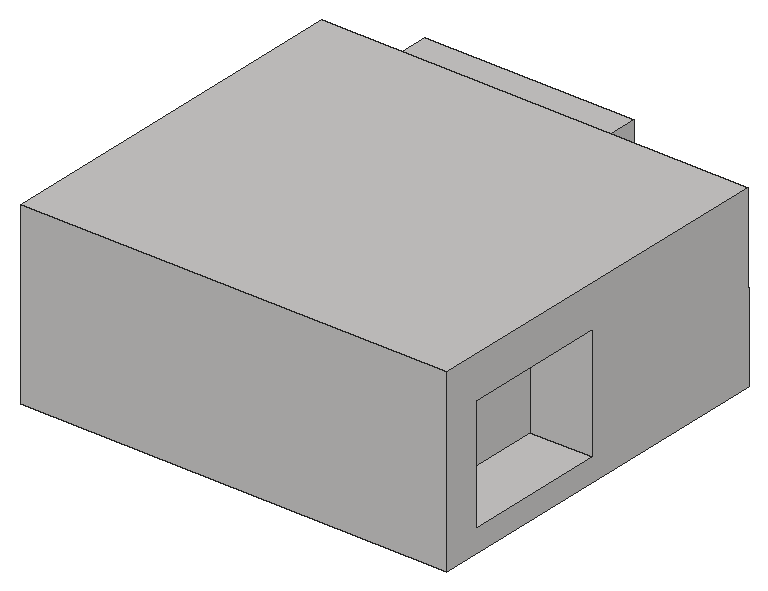
Revit family
Parameters
  Width = 3' - 0 1/8"
  Voltage = 277 V
  Unit Weight = "150.0 lbs"
  UltraLoc Liner = Choose Liner Option = 3  # no
  URL = "http://www.titus-hvac.com/"
  UL = "181"
  Supply Air Flow [instance] = 0 CFM
  SteriLoc Liner = Choose Liner Option = 2  # no
  Primary Air Pressure Drop [instance] = 0.00 in-wg
  Primary Air Flow [instance] = 0 CFM
  Plenum Air Pressure Drop [instance] = 0.00 in-wg
  Plenum Air Flow [instance] = 0 CFM
  Outlet Width = 1' - 2"
  Outlet Vertical Offset = 0' - 1 1/8"
  Outlet Horizontal Offset = 0' - 1 3/8"
  Outlet Height = 0' - 11"
  Number of Poles = 1
  Nominal Width = Width + 0' 6 1/4"  # 3' - 6 3/8"
  Nominal Length = Length + 0' 3 3/8"  # 3' - 8 1/4"
  Nominal Inlet Size = 0' - 10"
  Nominal Height = 1' - 5 1/8"
  NFPA = "90A"
  Motor Full Load Amps = 2.4 A
  Model = "DTQS"
  Min. Air Flow = 0 CFM
  Max. Air Flow = 0 CFM
  Material = Galvanized Steel
  Manufacturer = "Titus"
  Length = 3' - 4 7/8"
  Juction Box Offset = 0' - 4 7/8"
  Inlet Diameter = Nominal Inlet Size - 0' 0 1/8"  # 0' - 9 7/8"
  Induced Air Inlet Offset = 0' - 4 1/2"
  Induced Air Inlet Width = 1' - 1 1/4"
  Induced Air Inlet Height = 1' - 2 1/2"
  Induced Air Filter = no
  Heating Total Capacity [instance] = 0 Btu/h
  Half Outlet Connection Width = Outlet Width / 2  # 0' - 7"
  Half Outlet Connection Height = Outlet Height / 2  # 0' - 5 1/2"
  Half Height Start = -(Nominal Height / 2)  # -0' - 8 9/16"
  Half Height End = Nominal Height / 2  # 0' - 8 9/16"
  HP-Motor = "1/4"
  Frequency = 60 Hz
  Filter Size = "19\"x17\""
  Fiber Free Liner = Choose Liner Option = 1  # no
  Fan Disconnect Switch = no
  Duct Radius = Nominal Inlet Size / 2  # 0' - 5"
  Description = "Series Fan Powered Terminal Unit, Direct Digital Control, Pressure Independent"
  Connection Void Radius = Connection Radius - 0' 0 1/4"  # 0' - 4 11/16"
  Connection Radius = Inlet Diameter / 2  # 0' - 4 15/16"
  Choose Liner Option = 0
  CADworks URL = "www.CADworks.net"
  Assembly Code = "D3040100"
  Apparent Power = Voltage * Motor Full Load Amps  # 664.8 VA
  Air Inlet Offset = 0' - 7"
  1/2" Fiberglass Liner = Choose Liner Option = 0  # yes
Reference planes (in)
  plane 1 "Center (Front/Back)": y = 0
  plane 2: z = 0
  plane 3 "Center (Left/Right)": x = 3
  plane 4: x = -17.4375
  plane 5: x = 23.4375
  plane 6: x = -12.5625
  plane 7: x = -20.8125
  plane 8 "Center (Elevation)": z = 0
  plane 9: y = -18.0625
  plane 10: y = 18.0625
  plane 11: y = 11.0625
  plane 12: y = -13.5625
  plane 13: x = -11.4375
  plane 14: x = 17.4375
  plane 15: y = 24.3125
  plane 16: z = 8.5625
  plane 17: z = -8.5625
Forms (in)
  Extrusion 1, solid, material "Galvanized Steel" <- "Material"
    sketch origin (61, -3.76302, 78.80279) x (1, 0, 0) y (0, 1, 0)
      loop
        line (-78.4375, 21.82552) -> (-78.4375, -14.29948) -> (-37.5625, -14.29948) -> (-37.5625, 21.82552) -> (-78.4375, 21.82552)
    from -87.36529 <- "Half Height Start" to -70.24029 <- "Half Height End"
  Extrusion 2, solid, material "Galvanized Steel" <- "Material"
    sketch origin (6.0625, 0, 42) x (1, 0, 0) y (0, 1, 0)
      loop
        line (-18.625, 18.0625) -> (1.375, 18.0625) -> (1.375, 24.3125) -> (-18.625, 24.3125) -> (-18.625, 18.0625)
    from -48 to -36
  Extrusion 3, void
    sketch origin (23.4375, 18.0625, 76.42779) x (0, 1, 0) y (0, 0, -1)
      loop
        line (-18.625, 71.86529) -> (-18.625, 82.86529) -> (-32.625, 82.86529) -> (-32.625, 71.86529) -> (-18.625, 71.86529)
    from 0 to 6
  Extrusion 4, solid, material "Galvanized Steel" <- "Material"
    sketch origin (-24.875, -0.4375, 0) x (0, 0, -1) y (0, 1, 0)
      loop
        circle (0, 11.5) r 4.9375
    from 4.0625 to 7.4375
  Extrusion 5, void
    sketch origin (-24.875, 0, 0) x (0, 1, 0) y (0, 0, 1)
      loop
        circle (11.0625, 0) r 4.6875
    from 4.0625 to 13.4375
  Extrusion 6, void
    sketch origin (-17.4375, -18.0625, 78.67779) x (0, -1, 0) y (0, 0, -1)
      loop
        line (-17.75, 71.49029) -> (-4.5, 71.49029) -> (-4.5, 85.99029) -> (-17.75, 85.99029) -> (-17.75, 71.49029)
    from 0 to 6
Cuts and joins
  Extrusion 3, Extrusion 5, Extrusion 6 cuts Extrusion 1
  Extrusion 5 cuts Extrusion 4
Dimensions and locks (in)
  "Length": plane 5 to plane 4
  equal spacing: plane 5, plane 3 "Center (Left/Right)", plane 4
  locked: Extrusion 2 to plane 6 at 0
  locked: Extrusion 2 to Extrusion 2 at 20
  "Juction Box Offset": plane 6 to plane 4
  "Outlet Height": Extrusion 3 sketch curve to Extrusion 3 sketch curve
  "Outlet Width": Extrusion 3 sketch curve to Extrusion 3 sketch curve
  locked: plane 4 to plane 7 at 3.375
  "Width": plane 9 to plane 10
  equal spacing: plane 9, plane 1 "Center (Front/Back)", plane 10
  locked: Extrusion 4 sketch curve to level at 0
  locked: Extrusion 4 sketch curve to plane 11 at 0
  locked: Extrusion 5 sketch curve to level at 0
  locked: Extrusion 5 sketch curve to plane 11 at 0
  locked: Extrusion 2 to Extrusion 2 at 6.25
  "Air Inlet Offset": plane 10 to plane 11
  locked: Extrusion 2 to plane 10 at 0
  locked: cut or joined group of Extrusion 4, Extrusion 5 to plane 7 at 0
  locked: cut or joined group of Extrusion 4, Extrusion 5 to cut or joined group of Extrusion 4, Extrusion 5 at 3.375
  "Induced Air Inlet Offset": plane 9 to plane 12
  "Induced Air Inlet Width": Extrusion 6 sketch curve to Extrusion 6 sketch curve
  "Induced Air Inlet Height": Extrusion 6 sketch curve to Extrusion 6 sketch curve
  "Induced Air Inlet Offset": Extrusion 6 sketch curve to plane 9
  locked: plane 9 to Extrusion 3 sketch curve at 3.5
  cut or joined group of Extrusion 1, Extrusion 3, Extrusion 5, Extrusion 6 to Extrusion 6 sketch curve = 0' - 1 3/8"
  cut or joined group of Extrusion 1, Extrusion 3, Extrusion 5, Extrusion 6 to Extrusion 3 sketch curve = 0' - 2 1/8"
  locked: Extrusion 2 to Extrusion 2 at 12
  equal spacing: Extrusion 2, level, Extrusion 2
  locked: cut or joined group of Extrusion 1, Extrusion 3, Extrusion 5, Extrusion 6 to cut or joined group of Extrusion 1, Extrusion 3, Extrusion 5, Extrusion 6 at 17.125
  equal spacing: cut or joined group of Extrusion 1, Extrusion 3, Extrusion 5, Extrusion 6, level, cut or joined group of Extrusion 1, Extrusion 3, Extrusion 5, Extrusion 6
  locked: plane 4 to plane 13 at 6
  locked: plane 14 to plane 5 at 6
  "Connection Radius": radius of Extrusion 4 sketch curve
  "Connection Void Radius": radius of Extrusion 5 sketch curve
  aligned and locked: cut or joined group of Extrusion 1, Extrusion 3, Extrusion 5, Extrusion 6 to plane 10
  aligned and locked: plane 9 to cut or joined group of Extrusion 1, Extrusion 3, Extrusion 5, Extrusion 6
  aligned and locked: plane 5 to cut or joined group of Extrusion 1, Extrusion 3, Extrusion 5, Extrusion 6
  aligned and locked: cut or joined group of Extrusion 1, Extrusion 3, Extrusion 5, Extrusion 6 to plane 4
  aligned and locked: Extrusion 3 to plane 14
  aligned and locked: plane 13 to Extrusion 6
  aligned and locked: Extrusion 6 to Extrusion 5
Automatic sketch dimensions
  plane 4 to Extrusion 1 sketch curve = 0' - 0"
  plane 5 to Extrusion 1 sketch curve = 0' - 0"
  plane 9 to Extrusion 1 sketch curve = 0' - 0"
  plane 10 to Extrusion 1 sketch curve = 0' - 0"
  Extrusion 2 sketch curve to plane 6 = 0' - 0"
  Extrusion 2 sketch curve to plane 10 = 0' - 0"
  plane 3 "Center (Left/Right)" to Extrusion 2 sketch curve = 0' - 4 7/16"
  Extrusion 2 sketch curve to plane 10 = 0' - 6 1/4"
Connectors (in)
  electrical at (-2.5625, 24.3125, 0), driven by "Apparent Power", driven by "Voltage", driven by "Number of Poles"
    settings: on Extrusion 2, index 8
  hvac at (-20.8125, 11.0625, 0), driven by "Primary Air Flow", driven by "Duct Radius", driven by "Primary Air Pressure Drop"
    settings: on cut or joined group of Extrusion 4, Extrusion 5, index 9
  hvac at (-17.4375, -6.9375, -0.0625), driven by "Induced Air Inlet Width", driven by "Induced Air Inlet Height", driven by "Plenum Air Pressure Drop", driven by "Plenum Air Flow"
    settings: on cut or joined group of Extrusion 1, Extrusion 3, Extrusion 5, Extrusion 6, index 14
  hvac at (23.4375, -7.5625, -0.9375), driven by "Supply Air Flow", driven by "Outlet Width", driven by "Outlet Height"
    settings: on cut or joined group of Extrusion 1, Extrusion 3, Extrusion 5, Extrusion 6, index 15
